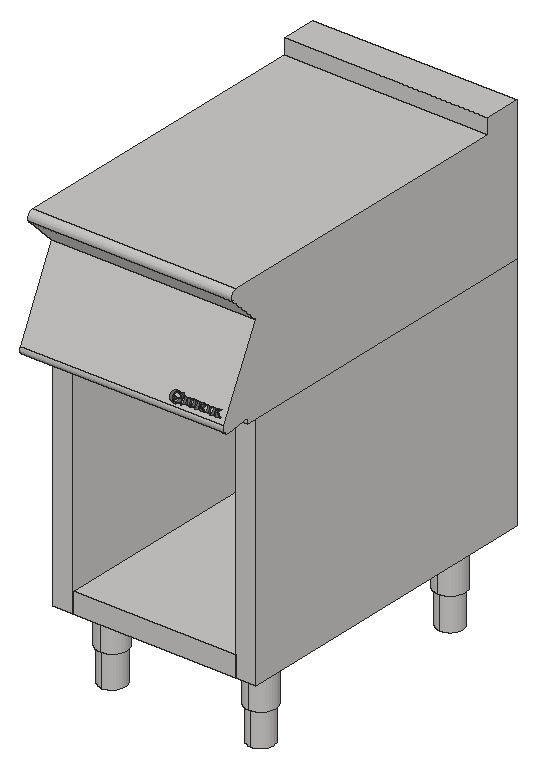
Revit family "QF_GIORIK_EN720G", category Specialty Equipment, Revit 2014
Parameters (values of type "EN720G")
  Weight in Pounds = 110.231
  URL Cutsheet = "www.giorik.com"
  URL = "www.giorik.com"
  Status [instance] = ""
  Specification by User [instance] = ""
  Specification by Manufacturer = ""
  Show Logo [instance] = yes
  Show Clearance [instance] = yes
  Serial Number = ""
  Seismic Rating = ""
  SMACNA No = ""
  Revision Code [instance] = ""
  NAFEM Spec ID Number = ""
  Model = "EN720G"
  Masterspec = ""
  Manufacturer = "GIORIK"
  Item Number [instance] = ""
  Installed By [instance] = ""
  Identify Quantity as Lot [instance] = no
  Furnished By [instance] = ""
  Foodservice Equipment Identifier [instance] = yes
  Description = "NEUTRAL UNIT ON OPEN BASE UNIT"
  CSI MasterFormat = ""
  Assembly Code = "E1090320"
Reference planes
  plane 1 "Back": y = 0
  plane 2: z = 0
  plane 3 "Left": x = 0
  plane 4 "Right": x = 400
  plane 5 "Front": y = -720
  plane 6 "Top": z = 900
Forms (mm)
  Extrusion 1, solid, visible <- "Show Logo"
    sketch origin (196.604, -736.761, 609.486) x (-1, 0, 0) y (0, 0.452718, 0.891654)
      loop
        line (-118.824, 58.358) -> (-127.804, 58.358) -> (-125.523, 56.445) -> (-125.523, 48.027) -> (-127.804, 46.113) -> (-118.824, 46.113) -> (-121.105, 48.027) -> (-121.105, 56.445) -> (-118.824, 58.358)
      loop
        line (-163.721, 58.358) -> (-172.7, 58.358) -> (-170.42, 56.445) -> (-170.42, 48.027) -> (-172.7, 46.113) -> (-163.721, 46.113) -> (-166.001, 48.027) -> (-166.001, 56.445) -> (-163.721, 58.358)
      loop
        line (-174.332, 58.358) -> (-183.312, 58.358) -> (-181.031, 56.445) -> (-181.031, 52.435) -> (-186.419, 56.955) -> (-184.416, 58.358) -> (-191.268, 58.358) -> (-188.01, 56.839) -> (-185.455, 54.283) -> (-190.846, 47.858) -> (-193.396, 46.93) -> (-193.396, 46.113) -> (-184.416, 46.113) -> (-185.437, 47.571) -> (-182.443, 51.552) -> (-181.031, 50.894) -> (-181.031, 48.027) -> (-183.312, 46.113) -> (-174.332, 46.113) -> (-176.613, 48.027) -> (-176.613, 56.445) -> (-174.332, 58.358)
      loop
        line (-115.429, 62.063) -> (-115.429, 54.198)
        arc (-115.429, 54.198) -> (-111.618, 57.803) -> (-106.847, 59.986) r 16.039
        arc (-106.847, 59.986) -> (-103.314, 59.837) -> (-100.512, 57.68) r 5.851
        arc (-100.512, 57.68) -> (-98.815, 52.267) -> (-100.512, 46.853) r 9.479
        arc (-100.512, 46.853) -> (-102.406, 44.986) -> (-104.846, 43.93) r 7.236
        arc (-104.846, 43.93) -> (-107.728, 44.111) -> (-110.052, 45.825) r 5.11
        line (-110.052, 45.825) -> (-110.052, 52.001) -> (-116.141, 52.001) -> (-116.141, 45.503) -> (-117.893, 43.751) -> (-114.094, 44.769)
        arc (-114.094, 44.769) -> (-112.56, 44.947) -> (-111.129, 44.366) r 3.115
        arc (-111.129, 44.366) -> (-104.216, 42.091) -> (-97.303, 44.366) r 11.641
        arc (-97.303, 44.366) -> (-93.396, 52.107) -> (-97.303, 59.849) r 9.622
        arc (-97.303, 59.849) -> (-104.369, 62.174) -> (-111.435, 59.849) r 11.898
        line (-111.435, 59.849) -> (-115.429, 62.063)
      loop
        arc (-129.234, 56.068) -> (-135.893, 58.628) -> (-142.552, 56.068) r 9.941
        arc (-142.552, 56.068) -> (-144.234, 52.286) -> (-142.552, 48.505) r 5.093
        arc (-142.552, 48.505) -> (-135.893, 45.945) -> (-129.234, 48.505) r 9.941
        arc (-129.234, 48.505) -> (-127.552, 52.286) -> (-129.234, 56.068) r 5.093
      loop
        arc (-132.628, 54.403) -> (-135.893, 57.668) -> (-139.158, 54.403) r 3.265
        line (-139.158, 54.403) -> (-139.158, 50.169)
        arc (-139.158, 50.169) -> (-135.893, 46.904) -> (-132.628, 50.169) r 3.265
        line (-132.628, 50.169) -> (-132.628, 54.403)
      loop
        arc (-156.363, 58.365) -> (-159.647, 55.081) -> (-156.363, 51.796) r 3.285
        line (-156.363, 51.796) -> (-159.529, 47.306) -> (-162.087, 46.113) -> (-155.847, 46.113) -> (-153.529, 51.083) -> (-150.637, 51.083) -> (-150.637, 47.784) -> (-153.022, 46.113) -> (-144.011, 46.113) -> (-146.094, 47.68) -> (-146.094, 56.493) -> (-144.229, 58.365) -> (-156.363, 58.365)
      loop
        line (-150.637, 57.512) -> (-153.637, 57.512)
        arc (-153.637, 57.512) -> (-156.237, 54.912) -> (-153.637, 52.312) r 2.6
        line (-153.637, 52.312) -> (-150.637, 52.312) -> (-150.637, 57.512)
      loop
        line (-108.924, 52.001) -> (-104.936, 49.005) -> (-100.948, 52.001) -> (-108.924, 52.001)
    from 1.5 to -0.5
  Extrusion 2, solid
    sketch origin (-16, 1025.81, 0) x (1, 0, 0) y (0, 1, 0)
      loop
        line (25, -1086.81) -> (25, -1156.81) -> (115, -1156.81) -> (115, -1086.81) -> (25, -1086.81)
    from 148 to 150
  Extrusion 3, solid
    sketch origin (0, 0, 0) x (1, 0, 0) y (0, 1, 0)
      loop
        line (40, -40) -> (40, -640) -> (360, -640) -> (360, -40) -> (40, -40)
    from 150 to 190
  Extrusion 4, solid
    sketch origin (416, 1025.81, 0) x (-1, 0, 0) y (0, -1, 0)
      loop
        line (25, 1086.81) -> (115, 1086.81) -> (115, 1156.81) -> (25, 1156.81) -> (25, 1086.81)
    from 148 to 150
  Extrusion 5, solid
    sketch origin (0, 1000, -20) x (0, 1, 0) y (0, 0, 1)
      loop
        line (-1000, 919.988) -> (-1070, 919.988) -> (-1070, 889.988) -> (-1688.806, 889.988)
        arc (-1688.806, 889.988) -> (-1699.151, 883.075) -> (-1696.724, 870.873) r 11.197
        line (-1696.724, 870.873) -> (-1640.876, 815.025) -> (-1718.948, 661.258)
        arc (-1718.948, 661.258) -> (-1718.233, 650.105) -> (-1708.118, 645.354) r 10.981
        line (-1708.118, 645.354) -> (-1660, 649.925) -> (-1660, 640) -> (-1000, 640) -> (-1000, 919.988)
    from 0 to 400
  Extrusion 6, solid
    sketch origin (0, 0, 599.536) x (1, 0, 0) y (0, 1, 0)
      loop
        line (0, -640) -> (40, -640) -> (40, -40) -> (360, -40) -> (360, -640) -> (400, -640) -> (400, 0) -> (0, 0) -> (0, -640)
    from -449.536 to 20.464
  Extrusion 7, solid
    sketch origin (0, 0, 0) x (1, 0, 0) y (0, 1, 0)
      loop
        line (40, -40) -> (40, -640) -> (360, -640) -> (360, -40) -> (40, -40)
    from 150 to 190
  Extrusion 8, solid
    sketch origin (-16, 560.81, 0) x (1, 0, 0) y (0, 1, 0)
      loop
        line (25, -1086.81) -> (25, -1156.81) -> (115, -1156.81) -> (115, -1086.81) -> (25, -1086.81)
    from 148 to 150
  Revolve 9, solid
    sketch origin (54, 560.81, 0) x (0, 1, 0) y (0, 0, 1)
      loop
        line (-1092.56, 66) -> (-1092.56, 148) -> (-1121.81, 148) -> (-1121.81, 0) -> (-1096.81, 0) -> (-1096.81, 66) -> (-1092.56, 66)
      axis (-1121.81, 0) -> (-1121.81, 148)
    angle from 0 to 360
  Extrusion 10, solid
    sketch origin (416, 560.81, 0) x (-1, 0, 0) y (0, -1, 0)
      loop
        line (25, 1086.81) -> (115, 1086.81) -> (115, 1156.81) -> (25, 1156.81) -> (25, 1086.81)
    from 148 to 150
  Revolve 11, solid
    sketch origin (346, 560.81, 0) x (0, 1, 0) y (0, 0, 1)
      loop
        line (-1092.56, 66) -> (-1092.56, 148) -> (-1121.81, 148) -> (-1121.81, 0) -> (-1096.81, 0) -> (-1096.81, 66) -> (-1092.56, 66)
      axis (-1121.81, 0) -> (-1121.81, 148)
    angle from 0 to 360
  Revolve 12, solid
    sketch origin (346, 1025.81, 0) x (0, 1, 0) y (0, 0, 1)
      loop
        line (-1092.56, 66) -> (-1092.56, 148) -> (-1121.81, 148) -> (-1121.81, 0) -> (-1096.81, 0) -> (-1096.81, 66) -> (-1092.56, 66)
      axis (-1121.81, 0) -> (-1121.81, 148)
    angle from 0 to 360
  Revolve 13, solid
    sketch origin (54, 1025.81, 0) x (0, 1, 0) y (0, 0, 1)
      loop
        line (-1092.56, 66) -> (-1092.56, 148) -> (-1121.81, 148) -> (-1121.81, 0) -> (-1096.81, 0) -> (-1096.81, 66) -> (-1092.56, 66)
      axis (-1121.81, 0) -> (-1121.81, 148)
    angle from 0 to 360
Lines and regions (mm)
  symbolic lines, style "200-EquipBorder-2D"
    curve 1: line (0, -720, 0) -> (400, -720, 0)
    curve 2: line (400, -720, 0) -> (400, 0, 0)
    curve 3: line (400, 0, 0) -> (0, 0, 0)
    curve 4: line (0, 0, 0) -> (0, -720, 0)
  symbolic lines, style "200-EquipInternal-2D"
    curve 5: line (0, -70, 900) -> (400, -70, 900)
Dimensions and locks
  plane 3 "Left" to plane 4 "Right" = 400 mm
  plane 5 "Front" to plane 1 "Back" = 720 mm
  plane 4 "Right" to plane 3 "Left" = 400 mm
  plane 1 "Back" to plane 5 "Front" = 720 mm
  plane 6 "Top" to level = 900 mm  (x2)
  aligned and locked: level to plane 2
